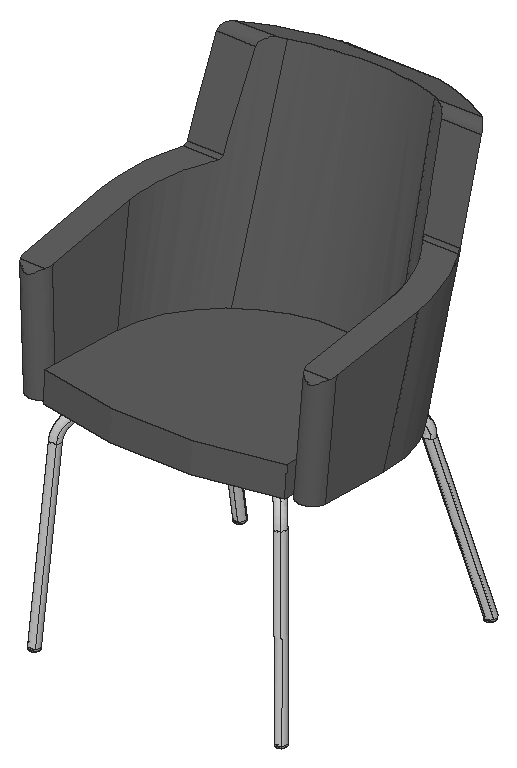
Revit family "FU_Chair_Sandler_Marka-2-0", category Furniture, Revit 2020
Family settings
  OmniClass Number = 23.40.20.00
  OmniClass Title = General Furniture and Specialties
  Work Plane-Based = No
  Always vertical = Yes
  Cut with Voids When Loaded = No
  Shared = No
  Room Calculation Point = No
Parameters (values of type "Marka 2.0")
  Width = 620 mm
  URL = "https://www.sandlerseating.com/product/marka-2-0/"
  Seat [instance] = Leather - Black - Sandler 101
  Model = "Marka 2.0"
  Manufacturer = "Sandler"
  Height = 850 mm
  Frame [instance] = Metal - Chrome - Polished
  Description = "Side chair with upholstered seat and back on steel frame."
  Depth = 580 mm
  Default Elevation = 0 mm
  Back [instance] = Leather - Black - Sandler 101
Reference planes
  plane 1 "Center (Front/Back)": y = 0
  plane 2: z = 0
  plane 3 "Center (Left/Right)": x = 0
  plane 4 "Right": x = -310
  plane 5 "Left": x = 310
  plane 6 "Back": y = 290
  plane 7 "Front": y = -290
  plane 8 "Height": z = 850
  plane 9 "Seat height": z = 460
  plane 10 "Frame Top RIGHT": through (4267.2, -173.743, 390.331) normal (0, 0.0534, 0.9986)
  plane 11 "FL C Right": through (4267.2, -261.574, 6.667) normal (0, -0.9976, 0.0699)
  plane 12 "BL C RIGHT": through (4267.2, 224.307, 7.319) normal (0, -0.9609, -0.2768)
  plane 13 "FL C TOP": y = -131.197
  plane 14 "FLL C TOP": through (156.935, -173.838, 1200) normal (0.7622, 0.6473, 0)
  plane 15 "Glides": z = 5
  plane 16 "BLL C TOP": through (235.325, 225.791, 1200) normal (0.9303, -0.3668, 0)
  plane 17 "SHIMMY": through (174.289, 104.541, 1200) normal (-0.7355, 0.6775, 0)
Forms (mm)
  Sweep 1, solid, material "Metal - Chrome - Polished" <- "Frame"
    path origin (5.413, 4.596, 0) x (-0.647283, 0.76225, 0) y (0, 0, 1)
      loop
        line (-349.658, 1.885) -> (-317.917, 346.619)
        arc (-317.917, 346.619) -> (-301.632, 379.028) -> (-267.655, 391.722) r 49.663
        line (-267.655, 391.722) -> (-230.884, 390.212)
    profile "Pro_Circles : 20mm" origin (221.468, -249.833, 174.252) x (0.644557, -0.759039, 0.091686) y (0.76225, 0.647283, 0)
      loop
        arc (-9.967, 0.067) -> (-7.115, -7.02) -> (-0.067, -9.967) r 9.901
        arc (-0.067, -9.967) -> (7.068, -7.068) -> (9.967, 0.067) r 9.901
        arc (9.967, 0.067) -> (7.02, 7.115) -> (-0.067, 9.967) r 9.901
        arc (-0.067, 9.967) -> (-7.067, 7.067) -> (-9.967, 0.067) r 9.9
  Sweep 2, solid, material "Metal - Chrome - Polished" <- "Frame"
    path origin (0, 20.305, 379.961) x (0, -0.998575, 0.053363) y (1, 0, 0)
      loop
        line (191.974, -154.859) -> (169.646, -135.927)
        arc (169.646, -135.927) -> (156.439, -118.628) -> (151.665, -97.394) r 50.901
        line (151.665, -97.394) -> (151.665, 97.394)
        arc (151.665, 97.394) -> (156.439, 118.628) -> (169.646, 135.927) r 50.901
        line (169.646, 135.927) -> (191.974, 154.859)
    profile "Pro_Circles : 20mm" origin (0, -131.144, 388.055) x (0, 0.998575, -0.053363) y (0, 0.053363, 0.998575)
      loop
        arc (-9.967, 0.067) -> (-7.115, -7.02) -> (-0.067, -9.967) r 9.901
        arc (-0.067, -9.967) -> (7.068, -7.068) -> (9.967, 0.067) r 9.901
        arc (9.967, 0.067) -> (7.02, 7.115) -> (-0.067, 9.967) r 9.901
        arc (-0.067, 9.967) -> (-7.067, 7.067) -> (-9.967, 0.067) r 9.9
  Sweep 3, solid, material "Metal - Chrome - Polished" <- "Frame"
    path origin (0, 20.305, 379.961) x (0, -0.998575, 0.053363) y (1, 0, 0)
      loop
        line (-84.833, 174.325) -> (-48.986, 117.913)
        arc (-48.986, 117.913) -> (-43.176, 105.061) -> (-41.187, 91.097) r 50
        line (-41.187, 91.097) -> (-41.187, -91.097)
        arc (-41.187, -91.097) -> (-43.176, -105.061) -> (-48.986, -117.913) r 50
        line (-48.986, -117.913) -> (-84.833, -174.325)
    profile "Pro_Circles : 20mm" origin (146.119, 87.119, 376.391) x (0.536322, -0.842811, 0.045039) y (0, 0.053363, 0.998575)
      loop
        arc (-9.967, 0.067) -> (-7.115, -7.02) -> (-0.067, -9.967) r 9.901
        arc (-0.067, -9.967) -> (7.068, -7.068) -> (9.967, 0.067) r 9.901
        arc (9.967, 0.067) -> (7.02, 7.115) -> (-0.067, 9.967) r 9.901
        arc (-0.067, 9.967) -> (-7.067, 7.067) -> (-9.967, 0.067) r 9.9
  Sweep 4, solid, material "Metal - Chrome - Polished" <- "Frame"
    path origin (126.607, -49.923, 0) x (0.366828, 0.930289, 0) y (0, 0, 1)
      loop
        line (296.776, 0.723) -> (192.412, 338.528)
    profile "Pro_Circles : 20mm" origin (216.331, 177.62, 169.626) x (-0.350482, -0.888836, -0.295182) y (0.930289, -0.366828, 0)
      loop
        arc (-9.967, 0.067) -> (-7.115, -7.02) -> (-0.067, -9.967) r 9.901
        arc (-0.067, -9.967) -> (7.068, -7.068) -> (9.967, 0.067) r 9.901
        arc (9.967, 0.067) -> (7.02, 7.115) -> (-0.067, 9.967) r 9.901
        arc (-0.067, 9.967) -> (-7.067, 7.067) -> (-9.967, 0.067) r 9.9
  Sweep 5, solid, material "Metal - Chrome - Polished" <- "Frame"
    path origin (42.202, -38.87, 0) x (-0.677472, -0.735549, 0) y (0, 0, 1)
      loop
        arc (-228.907, 336.416) -> (-219.216, 363.828) -> (-192.79, 375.95) r 37.29
    profile "Pro_Circles : 20mm" origin (190.715, 122.375, 363.828) x (0.50017, 0.543048, 0.674484) y (-0.735549, 0.677472, 0)
      loop
        arc (-9.967, 0.067) -> (-7.115, -7.02) -> (-0.067, -9.967) r 9.901
        arc (-0.067, -9.967) -> (7.068, -7.068) -> (9.967, 0.067) r 9.901
        arc (9.967, 0.067) -> (7.02, 7.115) -> (-0.067, 9.967) r 9.901
        arc (-0.067, 9.967) -> (-7.067, 7.067) -> (-9.967, 0.067) r 9.9
  Sweep 6, solid, material "Metal - Chrome - Polished" <- "Frame"
    path origin (-42.202, -38.87, 0) x (0.677472, -0.735549, 0) y (0, 0, -1)
      loop
        arc (-228.907, -336.416) -> (-219.216, -363.828) -> (-192.79, -375.95) r 37.29
    profile "Pro_Circles : 20mm" origin (-190.715, 122.375, 363.828) x (0.50017, -0.543048, -0.674484) y (0.735549, 0.677472, 0)
      loop
        arc (9.967, 0.067) -> (7.067, 7.067) -> (0.067, 9.967) r 9.9
        arc (0.067, 9.967) -> (-7.02, 7.115) -> (-9.967, 0.067) r 9.901
        arc (-9.967, 0.067) -> (-7.068, -7.068) -> (0.067, -9.967) r 9.901
        arc (0.067, -9.967) -> (7.115, -7.02) -> (9.967, 0.067) r 9.901
  Extrusion 7, solid, material "Metal - Chrome - Polished" <- "Frame"
    sketch origin (0, 20.305, 379.961) x (0, -0.998575, 0.053363) y (1, 0, 0)
      loop
        line (151.763, -90.422) -> (151.763, -60.237) -> (-42.098, -60.237) -> (-42.098, -90.422) -> (151.763, -90.422)
    from -6.038 to 8.807
  Extrusion 8, solid, material "Metal - Chrome - Polished" <- "Frame"
    sketch origin (0, 20.305, 379.961) x (0, -0.998575, 0.053363) y (1, 0, 0)
      loop
        line (151.763, 90.422) -> (-42.098, 90.422) -> (-42.098, 60.237) -> (151.763, 60.237) -> (151.763, 90.422)
    from -6.038 to 8.807
  Sweep 9, solid, material "Metal - Chrome - Polished" <- "Frame"
    path origin (-126.607, -49.923, 0) x (-0.366828, 0.930289, 0) y (0, 0, -1)
      loop
        line (296.776, -0.723) -> (192.412, -338.528)
    profile "Pro_Circles : 20mm" origin (-216.331, 177.62, 169.626) x (-0.350482, 0.888836, 0.295182) y (-0.930289, -0.366828, 0)
      loop
        arc (9.967, 0.067) -> (7.067, 7.067) -> (0.067, 9.967) r 9.9
        arc (0.067, 9.967) -> (-7.02, 7.115) -> (-9.967, 0.067) r 9.901
        arc (-9.967, 0.067) -> (-7.068, -7.068) -> (0.067, -9.967) r 9.901
        arc (0.067, -9.967) -> (7.115, -7.02) -> (9.967, 0.067) r 9.901
  Sweep 10, solid, material "Metal - Chrome - Polished" <- "Frame"
    path origin (-5.413, 4.596, 0) x (0.647283, 0.76225, 0) y (0, 0, -1)
      loop
        line (-349.658, -1.885) -> (-317.917, -346.619)
        arc (-317.917, -346.619) -> (-301.632, -379.028) -> (-267.655, -391.722) r 49.663
        line (-267.655, -391.722) -> (-230.884, -390.212)
    profile "Pro_Circles : 20mm" origin (-221.468, -249.833, 174.252) x (0.644557, 0.759039, -0.091686) y (-0.76225, 0.647283, 0)
      loop
        arc (9.967, 0.067) -> (7.067, 7.067) -> (0.067, 9.967) r 9.9
        arc (0.067, 9.967) -> (-7.02, 7.115) -> (-9.967, 0.067) r 9.901
        arc (-9.967, 0.067) -> (-7.068, -7.068) -> (0.067, -9.967) r 9.901
        arc (0.067, -9.967) -> (7.115, -7.02) -> (9.967, 0.067) r 9.901
  Extrusion 11, void
    sketch origin (0, 0, 0) x (0, 1, 0) y (0, 0, 1)
      loop
        line (-290, 5) -> (-290, -5) -> (290, -5) -> (290, 5) -> (-290, 5)
    from -250 to 250
  Revolve 12, solid, material "Rubber, Black"
    sketch origin (5.278, 4.755, 0) x (-0.647283, 0.76225, 0) y (0, 0, 1)
      loop
        line (-359.57, 5) -> (-359.57, 1.967)
        arc (-359.57, 1.967) -> (-358.994, 0.576) -> (-357.602, 0) r 1.967
        line (-357.602, 0) -> (-349.57, 0) -> (-349.57, 5) -> (-359.57, 5)
      axis (-349.57, 5) -> (-349.57, 0)
    angle from 0 to 360
  Revolve 13, solid, material "Rubber, Black"
    sketch origin (-5.278, 4.755, 0) x (0.647283, 0.76225, 0) y (0, 0, -1)
      loop
        line (-359.57, -5) -> (-349.57, -5) -> (-349.57, 0) -> (-357.602, 0)
        arc (-357.602, 0) -> (-358.994, -0.576) -> (-359.57, -1.967) r 1.967
        line (-359.57, -1.967) -> (-359.57, -5)
      axis (-349.57, -5) -> (-349.57, 0)
    angle from 0 to 360
  Revolve 14, solid, material "Rubber, Black"
    sketch origin (-8.817, -41.695, 0) x (0.647283, -0.76225, 0) y (0, 0, 1)
      loop
        line (-359.57, 5) -> (-359.57, 1.967)
        arc (-359.57, 1.967) -> (-358.994, 0.576) -> (-357.602, 0) r 1.967
        line (-357.602, 0) -> (-349.57, 0) -> (-349.57, 5) -> (-359.57, 5)
      axis (-349.57, 5) -> (-349.57, 0)
    angle from 0 to 360
  Revolve 15, solid, material "Rubber, Black"
    sketch origin (8.817, -41.695, 0) x (-0.647283, -0.76225, 0) y (0, 0, -1)
      loop
        line (-359.57, -5) -> (-349.57, -5) -> (-349.57, 0) -> (-357.602, 0)
        arc (-357.602, 0) -> (-358.994, -0.576) -> (-359.57, -1.967) r 1.967
        line (-359.57, -1.967) -> (-359.57, -5)
      axis (-349.57, -5) -> (-349.57, 0)
    angle from 0 to 360
Cuts and joins
  Extrusion 11 cuts Sweep 10
  Extrusion 11 cuts Sweep 1
  Extrusion 11 cuts Sweep 4
  Extrusion 11 cuts Sweep 9
Dimensions and locks
  equal spacing: plane 4 "Right", plane 3 "Center (Left/Right)", plane 5 "Left"
  "Width": plane 4 "Right" to plane 5 "Left"
  equal spacing: plane 6 "Back", plane 1 "Center (Front/Back)", plane 7 "Front"
  "Depth": plane 6 "Back" to plane 7 "Front"
  "Height": plane 8 "Height" to level
  plane 9 "Seat height" to level = 460 mm
  aligned and locked: level to plane 2
Automatic sketch dimensions
  Sweep 1 sketch curve to plane 9 "Seat height" = 113.381 mm
  Sweep 1 sketch curve to Sweep 1 sketch curve = 49.454 mm
  Sweep 1 sketch curve to plane 9 "Seat height" = 68.278 mm
  Sweep 1 sketch curve to Sweep 1 sketch curve = 0.808 mm
  level to Sweep 1 sketch curve = 1.885 mm
  Sweep 1 sketch curve to Sweep 1 sketch curve = 31.741 mm
  Sweep 1 sketch curve to plane 9 "Seat height" = 69.788 mm
  Sweep 1 sketch curve to Sweep 1 sketch curve = 36.771 mm
  plane 3 "Center (Left/Right)" to Sweep 2 sketch curve = 97.394 mm
  Sweep 2 sketch curve to plane 3 "Center (Left/Right)" = 135.927 mm
  Sweep 2 sketch curve to Sweep 2 sketch curve = 17.981 mm  (x2)
  plane 3 "Center (Left/Right)" to Sweep 2 sketch curve = 135.927 mm
  Sweep 2 sketch curve to Sweep 2 sketch curve = 32.92 mm  (x2)
  Sweep 2 sketch curve to Sweep 2 sketch curve = 38.533 mm
  plane 3 "Center (Left/Right)" to Sweep 2 sketch curve = 154.859 mm
  Sweep 2 sketch curve to Sweep 2 sketch curve = 22.328 mm  (x2)
  Sweep 2 sketch curve to plane 3 "Center (Left/Right)" = 154.859 mm
  plane 3 "Center (Left/Right)" to Sweep 3 sketch curve = 91.097 mm
  Sweep 3 sketch curve to Sweep 3 sketch curve = 0 mm
  plane 3 "Center (Left/Right)" to Sweep 3 sketch curve = 117.913 mm
  Sweep 3 sketch curve to Sweep 3 sketch curve = 42.201 mm
  Sweep 3 sketch curve to plane 3 "Center (Left/Right)" = 117.913 mm
  Sweep 3 sketch curve to Sweep 3 sketch curve = 7.799 mm
  Sweep 3 sketch curve to plane 4 "Right" = 135.675 mm
  Sweep 3 sketch curve to Sweep 3 sketch curve = 35.846 mm  (x2)
  plane 5 "Left" to Sweep 3 sketch curve = 135.675 mm
  Sweep 4 sketch curve to plane 9 "Seat height" = 121.472 mm
  level to Sweep 4 sketch curve = 0.723 mm
  Sweep 4 sketch curve to Sweep 4 sketch curve = 104.364 mm
  Sweep 5 sketch curve to plane 9 "Seat height" = 121.324 mm
  Sweep 5 sketch curve to Sweep 5 sketch curve = 1.105 mm
  Sweep 5 sketch curve to Sweep 5 sketch curve = 37.222 mm
  Sweep 5 sketch curve to Sweep 5 sketch curve = 2.26 mm
  Sweep 6 sketch curve to plane 9 "Seat height" = 121.324 mm
  Sweep 6 sketch curve to Sweep 6 sketch curve = 1.105 mm
  Sweep 6 sketch curve to Sweep 6 sketch curve = 37.222 mm
  Sweep 6 sketch curve to Sweep 6 sketch curve = 37.274 mm
  Extrusion 7 sketch curve to plane 3 "Center (Left/Right)" = 90.422 mm
  Extrusion 7 sketch curve to Extrusion 7 sketch curve = 193.862 mm
  Extrusion 7 sketch curve to Extrusion 7 sketch curve = 30.185 mm
  Extrusion 8 sketch curve to plane 3 "Center (Left/Right)" = 90.422 mm
  Extrusion 8 sketch curve to Extrusion 8 sketch curve = 193.862 mm
  Extrusion 8 sketch curve to Extrusion 8 sketch curve = 30.185 mm
  Sweep 9 sketch curve to plane 9 "Seat height" = 121.472 mm
  level to Sweep 9 sketch curve = 0.723 mm
  Sweep 9 sketch curve to Sweep 9 sketch curve = 104.364 mm
  Sweep 10 sketch curve to plane 9 "Seat height" = 113.381 mm
  Sweep 10 sketch curve to Sweep 10 sketch curve = 49.454 mm
  Sweep 10 sketch curve to plane 9 "Seat height" = 68.278 mm
  Sweep 10 sketch curve to Sweep 10 sketch curve = 0.808 mm
  level to Sweep 10 sketch curve = 1.885 mm
  Sweep 10 sketch curve to Sweep 10 sketch curve = 31.741 mm
  Sweep 10 sketch curve to plane 9 "Seat height" = 69.788 mm
  Sweep 10 sketch curve to Sweep 10 sketch curve = 36.771 mm
  Extrusion 11 sketch curve to plane 7 "Front" = 0 mm
  Extrusion 11 sketch curve to plane 6 "Back" = 0 mm
  Extrusion 11 sketch curve to plane 15 "Glides" = 0 mm
  Extrusion 11 sketch curve to level = 5 mm
  plane 15 "Glides" to Revolve 12 sketch curve = 0 mm  (x2)
  level to Revolve 12 sketch curve = 0 mm
  level to Revolve 12 sketch curve = 1.967 mm
  Revolve 12 sketch curve to Revolve 12 sketch curve = 8.033 mm
  Revolve 12 sketch curve to Revolve 12 sketch curve = 0 mm
  Revolve 12 sketch curve to level = 0.616 mm
  plane 15 "Glides" to Revolve 13 sketch curve = 0 mm  (x2)
  level to Revolve 13 sketch curve = 0 mm
  level to Revolve 13 sketch curve = 1.967 mm
  Revolve 13 sketch curve to Revolve 13 sketch curve = 8.033 mm
  Revolve 13 sketch curve to Revolve 13 sketch curve = 0 mm
  Revolve 13 sketch curve to level = 0.616 mm
  Revolve 14 sketch curve to plane 15 "Glides" = 0 mm  (x2)
  Revolve 14 sketch curve to level = 0 mm
  level to Revolve 14 sketch curve = 1.967 mm
  Revolve 14 sketch curve to Revolve 14 sketch curve = 8.033 mm
  Revolve 14 sketch curve to Revolve 14 sketch curve = 0 mm
  Revolve 14 sketch curve to level = 0.616 mm
  Revolve 15 sketch curve to plane 15 "Glides" = 0 mm  (x2)
  Revolve 15 sketch curve to level = 0 mm
  level to Revolve 15 sketch curve = 1.967 mm
  Revolve 15 sketch curve to Revolve 15 sketch curve = 8.033 mm
  Revolve 15 sketch curve to Revolve 15 sketch curve = 0 mm
  Revolve 15 sketch curve to level = 0.616 mm
Nested families
  nested 1: "Marka Seat" at (0, 0, 0), Back <- "Back", Seat <- "Seat", type "Marka Seat"
    with Seat Leather - Black - Sandler 101, Back Leather - Black - Sandler 101
Definition of nested family "Marka Seat"
  Parameters (values of type "Marka Seat")
    Width = 620 mm
    URL = ""
    Seat [instance] = none
    Model = ""
    Manufacturer = ""
    Height = 850 mm
    Description = ""
    Depth = 580 mm
    Default Elevation = 0 mm
    Back [instance] = none
  Reference planes
    plane 1 "Center (Front/Back)": y = 0
    plane 2: z = 0
    plane 3 "Center (Left/Right)": x = 0
    plane 4 "Right": x = -310
    plane 5 "Left": x = 310
    plane 6 "Back": y = 290
    plane 7 "Front": y = -290
    plane 8 "Height": z = 850
    plane 9 "Seat height": z = 460
    plane 10 "Seat Frame Base RIGHT": through (4267.2, -185.32, 358.111) normal (0, 0.0432, 0.9991)
    plane 11 "Seat base": through (4267.2, -229.459, 405.085) normal (0, 0.0432, 0.9991)
  Forms (mm)
    Extrusion 1, solid, material <- "Seat"
      sketch origin (0, 17.058, 394.424) x (0, -0.999066, 0.043207) y (1, 0, 0)
        loop
          arc (262.802, -226.297) -> (298.069, 0) -> (262.802, 226.297) r 743.674
          line (262.802, 226.297) -> (99.281, 226.297)
          arc (99.281, 226.297) -> (-127.016, 0) -> (99.281, -226.297) r 226.297
          line (99.281, -226.297) -> (262.802, -226.297)
      from 0 to 56
    Blend 2, solid, material <- "Back"
      base sketch origin (0, 17.058, 394.424) x (0, -0.999066, 0.043207) y (1, 0, 0)
        loop
          line (234.278, -226.322) -> (99.278, -226.322)
          arc (99.278, -226.322) -> (8.081, -207.134) -> (-67.65, -152.822) r 226.309
          arc (-67.65, -152.822) -> (-127.031, -0.07) -> (-67.728, 152.712) r 226.309
          arc (-67.728, 152.712) -> (8.029, 207.085) -> (99.278, 226.297) r 226.309
          line (99.278, 226.297) -> (234.278, 226.297)
          arc (234.278, 226.297) -> (261.278, 253.322) -> (234.278, 280.322) r 27
          line (234.278, 280.322) -> (99.278, 280.322)
          arc (99.278, 280.322) -> (-14.988, 255.976) -> (-109.406, 187.166) r 280.322
          arc (-109.406, 187.166) -> (-181.044, 0.059) -> (-109.485, -187.079) r 280.322
          arc (-109.485, -187.079) -> (-15.042, -255.952) -> (99.278, -280.322) r 280.322
          line (99.278, -280.322) -> (234.278, -280.322)
          arc (234.278, -280.322) -> (261.278, -253.322) -> (234.278, -226.322) r 27
      top sketch origin (0, 17.058, 394.424) x (0, -0.999066, 0.043207) y (1, 0, 0)
        loop
          line (235.738, -255.853) -> (13.378, -255.853)
          arc (13.378, -255.853) -> (-100.416, -224.137) -> (-181.401, -138.133) r 220
          arc (-181.401, -138.133) -> (-215.463, 0) -> (-181.401, 138.133) r 297.117
          arc (-181.401, 138.133) -> (-100.416, 224.137) -> (13.378, 255.853) r 220
          line (13.378, 255.853) -> (235.738, 255.853)
          arc (235.738, 255.853) -> (262.738, 282.853) -> (235.738, 309.853) r 27
          line (235.738, 309.853) -> (5.127, 309.853)
          arc (5.127, 309.853) -> (-105.12, 283.646) -> (-191.782, 210.633) r 245
          arc (-191.782, 210.633) -> (-261.267, 0) -> (-191.782, -210.633) r 353.992
          arc (-191.782, -210.633) -> (-105.12, -283.646) -> (5.127, -309.853) r 245
          line (5.127, -309.853) -> (235.738, -309.853)
          arc (235.738, -309.853) -> (262.738, -282.853) -> (235.738, -255.853) r 27
      from 0 to 479.35
    Extrusion 3, void
      sketch origin (0, 0, 0) x (0, 1, 0) y (0, 0, 1)
        loop
          line (207.585, 850.236) -> (280.326, 833.435)
          arc (280.326, 833.435) -> (288.636, 826.479) -> (290, 815.729) r 14.836
          line (290, 815.729) -> (290, 735.729) -> (340, 735.729) -> (340, 895.729) -> (-290, 895.729) -> (-290, 362.638) -> (-249.593, 360.518) -> (-237.146, 597.77)
          arc (-237.146, 597.77) -> (-232.858, 610.802) -> (-220.911, 617.544) r 18.99
          line (-220.911, 617.544) -> (121.363, 667.269)
          arc (121.363, 667.269) -> (125.034, 670.238) -> (127.275, 674.394) r 12
          line (127.275, 674.394) -> (186.633, 835.596)
          arc (186.633, 835.596) -> (194.812, 846.204) -> (207.585, 850.236) r 22.37
      from -320 to 320
  Cuts and joins
    Extrusion 3 cuts Blend 2
  Dimensions and locks
    equal spacing: plane 4 "Right", plane 3 "Center (Left/Right)", plane 5 "Left"
    "Width": plane 4 "Right" to plane 5 "Left"
    equal spacing: plane 6 "Back", plane 1 "Center (Front/Back)", plane 7 "Front"
    "Depth": plane 6 "Back" to plane 7 "Front"
    "Height": plane 8 "Height" to level
    plane 9 "Seat height" to level = 460 mm
    aligned and locked: level to plane 2
  Automatic sketch dimensions
    Extrusion 1 sketch curve to plane 3 "Center (Left/Right)" = 0 mm  (x2)
    Extrusion 1 sketch curve to Extrusion 1 sketch curve = 544.886 mm
    Extrusion 1 sketch curve to plane 4 "Right" = 83.703 mm
    Extrusion 1 sketch curve to Extrusion 1 sketch curve = 163.521 mm
    Blend 2 sketch curve to plane 3 "Center (Left/Right)" = 0 mm  (x3)
    plane 5 "Left" to Blend 2 sketch curve = 29.678 mm
    Blend 2 sketch curve to Blend 2 sketch curve = 0 mm  (x20)
    Blend 2 sketch curve to Blend 2 sketch curve = 135 mm  (x2)
    Blend 2 sketch curve to Blend 2 sketch curve = 27 mm
    Blend 2 sketch curve to plane 3 "Center (Left/Right)" = 0.013 mm
    Blend 2 sketch curve to Blend 2 sketch curve = 0.025 mm
    plane 5 "Left" to Blend 2 sketch curve = 0.147 mm
    Blend 2 sketch curve to plane 4 "Right" = 0.147 mm
    Blend 2 sketch curve to Blend 2 sketch curve = 8.251 mm  (x2)
    Blend 2 sketch curve to Blend 2 sketch curve = 11.071 mm
    Blend 2 sketch curve to Blend 2 sketch curve = 222.36 mm  (x2)
    Blend 2 sketch curve to plane 4 "Right" = 27.147 mm
    Blend 2 sketch curve to Blend 2 sketch curve = 29 mm  (x2)
    plane 3 "Center (Left/Right)" to Blend 2 sketch curve = 35.853 mm
    Blend 2 sketch curve to Blend 2 sketch curve = 10.381 mm
    Blend 2 sketch curve to plane 3 "Center (Left/Right)" = 152.822 mm
    Blend 2 sketch curve to Blend 2 sketch curve = 41.834 mm
    plane 3 "Center (Left/Right)" to Blend 2 sketch curve = 152.712 mm
    Blend 2 sketch curve to Blend 2 sketch curve = 41.678 mm
    Extrusion 3 sketch curve to plane 7 "Front" = 0 mm
    Extrusion 3 sketch curve to plane 6 "Back" = 0 mm
    Extrusion 3 sketch curve to plane 10 "Seat Frame Base RIGHT" = 0 mm
    plane 7 "Front" to Extrusion 3 sketch curve = 52.854 mm
    Extrusion 3 sketch curve to Extrusion 3 sketch curve = 16.235 mm
    Extrusion 3 sketch curve to Extrusion 3 sketch curve = 2.73 mm
    Extrusion 3 sketch curve to plane 1 "Center (Front/Back)" = 115.799 mm
    Extrusion 3 sketch curve to Extrusion 3 sketch curve = 5.563 mm
    Extrusion 3 sketch curve to Extrusion 3 sketch curve = 5.913 mm
    Extrusion 3 sketch curve to plane 8 "Height" = 14.404 mm
    Extrusion 3 sketch curve to plane 6 "Back" = 103.367 mm
    plane 8 "Height" to Extrusion 3 sketch curve = 0.236 mm
    Extrusion 3 sketch curve to Extrusion 3 sketch curve = 20.952 mm
    Extrusion 3 sketch curve to plane 8 "Height" = 22.133 mm
    Extrusion 3 sketch curve to plane 6 "Back" = 14.384 mm
    Extrusion 3 sketch curve to plane 6 "Back" = 9.674 mm
    plane 6 "Back" to Extrusion 3 sketch curve = 50 mm
    Extrusion 3 sketch curve to Extrusion 3 sketch curve = 0.981 mm
    Extrusion 3 sketch curve to Extrusion 3 sketch curve = 168.328 mm
    Extrusion 3 sketch curve to Extrusion 3 sketch curve = 7.125 mm
    Extrusion 3 sketch curve to plane 8 "Height" = 114.271 mm
    Extrusion 3 sketch curve to plane 8 "Height" = 34.271 mm
    Extrusion 3 sketch curve to Extrusion 3 sketch curve = 3.637 mm
    plane 8 "Height" to Extrusion 3 sketch curve = 45.729 mm
    plane 7 "Front" to Extrusion 3 sketch curve = 40.407 mm
    Extrusion 3 sketch curve to Extrusion 3 sketch curve = 2.12 mm
